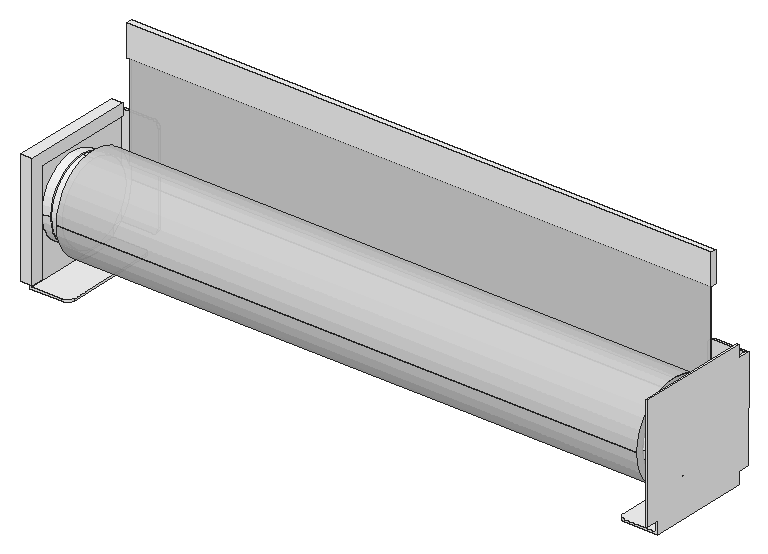
Revit family "Roller_Shades-Lutron-Contract_Roller-02", category Specialty Equipment, host Face, Revit 2017
Family settings
  Host = Face
  Round Connector Dimension = Use Diameter
  Part Type = Normal
  OmniClass Number = 23.30.60.14.21
  OmniClass Title = Shades
  Cut with Voids When Loaded = No
  Shared = No
  Room Calculation Point = No
Parameters (values of type "Ceiling Mount")
  Warranty URL = "http://www.lutron.com/en-US/Service-Support/Pages/Service/Warranty/Warranty.aspx"
  Wall Mount = no
  Video Link = "https://www.youtube.com/user/LutronElectronicsInc"
  Version = "2017 - v1.0a"  # constant formula
  URL = "http://www.lutron.com"
  Type Comments = ""
  Top to Center [instance] = if(or(Fascia Top Back Cover, Pocket Mount Enclosure), 0' 2 3/32", 0' 2")  # 0' - 2"
  Support Phone = "(224) 699-9545"  # constant formula
  Support Email = "mailto: support@anguleris.com"
  Side to Center [instance] = if(or(Fascia Top Back Cover, Pocket Mount Enclosure), 0' 2 3/32", 0' 2")  # 0' - 2"
  Shade Width [instance] = 1' - 6"
  Shade Size Available [instance] = if(and(Shade Height > 15' 0", Shade Width > 10' 0"), "Shade Size Unavailable, Max Height 15', Max Width 10'", if(Shade Height > 15' 0", "Shade Size Unavailable, Max Height 15'", if(Shade Width > 10' 0", "Shade Size Unavailable, Max Width 10'", "Yes")))  # "Yes"
  Shade Material = Fabric - Lutron - Linen - White
  Shade Height [instance] = 0' - 5 1/2"
  Series = "Contract Roller Shades"
  Right Clutch [instance] = yes
  Product Page URL = "http://www.lutron.com/en-US/Products/Pages/ShadingSystems/ContractRoller/Overview.aspx"
  Product Name = "Contract Roller - Manual Shade"
  Product Documentation Link = "http://www.lutron.com/TechnicalDocumentLibrary/085350.pdf"
  Pocket Mount Enclosure = no
  Pocket Inset = if(Pocket Mount Enclosure, 0' 5 1/8", 0' 0")  # 0' - 0"
  Performance URL = "http://www.lutron.com/en-US/Service-Support/Pages/Technical/PerfomanceSpecs.aspx"
  Overall Width [instance] = if(and(Fascia, Shade Width < 1' 6 1/2"), 1' 6 1/2" + 0' 1 3/4", if(and(not(Fascia), Shade Width < 1' 6 1/2"), 1' 6 1/2" + 0' 1 1/2", if(and(Fascia, Shade Width > 10' 0"), 10' 0" + 0' 1 3/4", if(and(not(Fascia), Shade Width > 10' 0"), 10' 0" + 0' 1 1/2", Shade Width + Edge Width))))  # 1' - 8"
  Overall Height [instance] = if([3D Shade Height Visibility], Shade Height, 0' 6 1/2")  # 0' - 6 1/2"
  Overall Depth [instance] = if(Fascia Top Back Cover, 0' 4 25/128", if(Fascia, 0' 4 13/128", if(Pocket Mount Enclosure, 0' 5", 0' 4")))  # 0' - 4"
  Mounting = if(Pocket Mount Enclosure, "Pocket Mount", if(Wall Mount, "Wall Mount", if(Ceiling Mount, "Ceiling Mount", "Select Mounting Type")))  # "Ceiling Mount"
  Model = "Manual Shade"
  Manufacturer Phone Number = "610-282-3800"  # constant formula
  Manufacturer Fax Number = "610-282-1243"  # constant formula
  Manufacturer Email = "mailto:support@lutron.com"
  Manufacturer Address = "7200 Suter Rd, Coopersburg, PA 18036"  # constant formula
  Manufacturer = "Lutron Electronics Co., Inc"  # constant formula
  Lineal Requirements [instance] = ""
  Light Gap = 0' - 0 3/4"  # constant formula
  Left Clutch [instance] = no
  Keynote = ""
  Instruction Sheet Link = "http://www.lutron.com/TechnicalDocumentLibrary/045672.pdf"
  Fixture Angle = if(Wall Mount, 90.00°, 0.00°)  # 0.00°
  Finish = Finish - Lutron - White
  Fascia Top Back Cover [instance] = no
  Fascia Note [instance] = "Fascia must be turned on to utilize Fascia Endcap and Fascia Top Back Cover Options"  # constant formula
  Fascia [instance] = no
  Fabric Roll Detail = ""
  Fabric Options [instance] = ""
  Fabric Collection [instance] = ""
  Fascia Endcap [instance] = no
  End Cap [instance] = if(Fascia Top Back Cover, 0' 4 25/128", if(Fascia, 0' 4 13/128", if(Pocket Mount Enclosure, 0' 5 1/8", 0' 4")))  # 0' - 4"
  Edge Width [instance] = if(Fascia, 0' 1 3/4", 0' 1 1/2")  # 0' - 1 1/2"
  Description = "Manual Roller Shade"
  Default Elevation = 0' - 0"
  Cost Info = "mailto:sales@lutron.com"
  Cost = 0
  Copyright = "© 2019 Lutron Electronics Co., Inc."  # constant formula
  Control Technology [instance] = ""
  Ceiling Mount = yes
  C Fascia Top [instance] = if(and(Fascia, Fascia Top Back Cover), 1 = 1, 1 = 0)  # no
  C Fascia Endcap [instance] = if(and(Fascia, Fascia Endcap), 1 = 1, 1 = 0)  # no
  C Fascia [instance] = if(Pocket Mount Enclosure, 1 = 0, Fascia)  # no
  Bottom Bar [instance] = ""
  Assembly Code = "E2010320"
  Actual Shade Width [instance] = if(Shade Width > 10' 0", 10' 0", Shade Width)  # 1' - 6"
  Actual Shade Height [instance] = if(Shade Width > 15' 0", 15' 0", Shade Width)  # 1' - 6"
  3D Shade Height Visibility [instance] = no
Types (3): name | Wall Mount | Top to Center | Side to Center | Pocket Mount Enclosure | Pocket Inset | Overall Depth | Mounting | Fixture Angle | End Cap | Ceiling Mount
  Ceiling Mount | no | 0' - 2" | 0' - 2" | no | 0' - 0" | 0' - 4" | "Ceiling Mount" | 0.00° | 0' - 4" | yes
  Wall Mount | yes | 0' - 2" | 0' - 2" | no | 0' - 0" | 0' - 4" | "Wall Mount" | 90.00° | 0' - 4" | no
  Pocket Mount | no | 0' - 2 3/32" | 0' - 2 3/32" | yes | 0' - 5 1/8" | 0' - 5" | "Pocket Mount" | 0.00° | 0' - 5 1/8" | yes
Reference planes (in)
  plane 1 "Center (Front/Back)": y = 0
  plane 2: z = 0
  plane 3 "Center (Left/Right)": x = 0
  plane 4: x = -10
  plane 5: x = 10
  plane 6: x = -9.25
  plane 7: x = 9.25
  plane 8: z = 2
  plane 9: z = 0
  plane 10: y = 2
  plane 11: y = -2
  plane 12: x = -9.625
  plane 13: x = 9.625
  plane 14: x = -10.125
  plane 15: x = 10.125
  plane 16: z = 0
  plane 17 "Pocket": z = 0
  plane 18: z = 6.5
Forms (in)
  Extrusion 1, void
    sketch origin (0, 1.5, 2) x (0, -1, 0) y (1, 0, 0)
      loop
        line (-0.5, -10) -> (3.5, -10) -> (3.5, 10) -> (-0.5, 10) -> (-0.5, -10)
    from -2 to 4.5
Lines and regions (in)
  reference lines
    curve 1: line (0, 0, 2) -> (0, 0, 12.25)
    curve 2: line (0, 0, 2) -> (0, -14, 2)
Dimensions and locks (in)
  "Light Gap": plane 4 to plane 6
  "Light Gap": plane 7 to plane 5
  equal spacing: plane 4, plane 3 "Center (Left/Right)", plane 5
  "Overall Width": plane 4 to plane 5
  locked: plane 12 to plane 4 at 0.375
  locked: plane 13 to plane 5 at 0.375
  locked: plane 4 to plane 14 at 0.125
  locked: plane 5 to plane 15 at 0.125
  "Overall Depth": plane 10 to plane 11
  "Side to Center": plane 10 to plane 1 "Center (Front/Back)"
  locked: level to plane 16 at 0
  "Overall Height": plane 18 to plane 17 "Pocket"
  "Top to Center": plane 8 to plane 17 "Pocket"
  "Pocket Inset": level to plane 17 "Pocket"
  locked: curve 2 to curve 1 (angle 90.00°)
  "Fixture Angle": angle plane 8 to curve 2
  aligned and locked: plane 2 to host face
  aligned and locked: level to host face
  aligned and locked: nested 1 to curve 2
  aligned and locked: nested 1 to curve 1
  aligned and locked: plane 8 to curve 1
  aligned and locked: plane 3 "Center (Left/Right)" to nested 1
  aligned and locked: Extrusion 1 sketch curve to plane 10
  aligned and locked: Extrusion 1 sketch curve to nested 1
  aligned and locked: Extrusion 1 sketch curve to plane 11
  aligned and locked: nested 1 to Extrusion 1 sketch curve
  aligned and locked: plane 18 to Extrusion 1
  aligned and locked: Extrusion 1 to plane 17 "Pocket"
Automatic sketch dimensions
  host sketch curve to host sketch curve = 8' - 0"
  host sketch curve to host sketch curve = 8' - 0.06319"
  curve 2 to plane 1 "Center (Front/Back)" = 0' - 0"
Nested families (in)
  nested 1: "Prototype Rotate" at (0, 0, 2), Shade Width <- "Shade Width", Shade Height <- "Shade Height", Left Clutch <- "Left Clutch", Fascia Endcap <- "C Fascia Endcap", Fascia Top Back Cover <- "C Fascia Top", 3D Shade Height Visibility <- "3D Shade Height Visibility", type "None"
    with Top to Center 0' - 2", Side to Center 0' - 2", Shade Width 1' - 6", Shade Size Available "Yes", Shade Height 0' - 5 1/2", Right Clutch yes, Overall Width 1' - 8", Overall Height 0' - 6 1/2", Overall Depth 0' - 4", Lineal Requirements "", Left Clutch no, Fascia Top Back Cover no, Fascia Endcap no, Fabric Options "", Fabric Collection "", End Cap Mask 0' - 0 1/8", End Cap 0' - 4", Control Technology "", Bottom Bar "", Actual Shade Width 1' - 6", Actual Shade Height 1' - 6", 3D Shade Height Visibility no
Definition of nested family "Prototype Rotate"
  Parameters (values of type "None")
    Warranty URL = ""
    Video Link = ""
    Version = "2017 - v1.0b"  # constant formula
    URL = "http://www.lutron.com"
    Type Comments = ""
    Top to Center [instance] = if(or(Fascia Top Back Cover, Pocket Mount Enclosure), 0' 2 3/32", 0' 2")  # 0' - 2"
    Support Phone = "(224) 699-9545"  # constant formula
    Support Email = "mailto: support@anguleris.com"
    Side to Center [instance] = if(or(Fascia Top Back Cover, Pocket Mount Enclosure), 0' 2 3/32", 0' 2")  # 0' - 2"
    Shade Width [instance] = 1' - 0"
    Shade Size Available [instance] = if(and(Shade Height > 15' 0", Shade Width > 10' 0"), "Shade Size Unavailable, Max Height 15', Max Width 10'", if(Shade Height > 15' 0", "Shade Size Unavailable, Max Height 15'", if(Shade Width > 10' 0", "Shade Size Unavailable, Max Width 10'", "Yes")))  # "Yes"
    Shade Material = none
    Shade Height [instance] = 2' - 0"
    Series = ""
    Right Clutch [instance] = not(Left Clutch)  # no
    Product Page URL = ""
    Product Name = ""
    Product Documentation Link = ""
    Pocket Mount Enclosure = no
    Performance URL = ""
    Overall Width [instance] = if(and(Fascia, Shade Width < 1' 6 1/2"), 1' 6 1/2" + 0' 1 3/4", if(and(not(Fascia), Shade Width < 1' 6 1/2"), 1' 6 1/2" + 0' 1 1/2", if(and(Fascia, Shade Width > 10' 0"), 10' 0" + 0' 1 3/4", if(and(not(Fascia), Shade Width > 10' 0"), 10' 0" + 0' 1 1/2", Shade Width + Edge Width))))  # 1' - 8"
    Overall Height [instance] = if([3D Shade Height Visibility], Shade Height + 0' 2", 0' 6 1/2")  # 0' - 6 1/2"
    Overall Depth [instance] = if(Fascia Top Back Cover, 0' 4 25/128", if(Fascia, 0' 4 13/128", if(Pocket Mount Enclosure, 0' 5", 0' 4")))  # 0' - 4"
    Not Pocket = not(Pocket Mount Enclosure)  # yes
    Mounting = "Ceiling"
    Model = ""
    Manufacturer Phone Number = "610-282-3800"  # constant formula
    Manufacturer Fax Number = "610-282-1243"  # constant formula
    Manufacturer Email = "mailto:support@lutron.com"
    Manufacturer Address = "7200 Suter Rd, Coopersburg, PA 18036"  # constant formula
    Manufacturer = "Lutron Electronics Co., Inc"  # constant formula
    Lineal Requirements [instance] = ""
    Light Gap = 0' - 0 3/4"  # constant formula
    Left Clutch [instance] = yes
    Keynote = ""
    Instruction Sheet Link = ""
    Finish = none
    Fascia Top Back Cover [instance] = no
    Fascia = no
    Fabric Roll Detail = ""
    Fabric Options [instance] = ""
    Fabric Collection [instance] = ""
    Fascia Endcap [instance] = no
    End Cap Mask [instance] = if(Fascia Endcap, 0' 0", 0' 0 1/8")  # 0' - 0 1/8"
    End Cap [instance] = if(Fascia Top Back Cover, 0' 4 25/128", if(Fascia, 0' 4 13/128", if(Pocket Mount Enclosure, 0' 5 1/8", 0' 4")))  # 0' - 4"
    Edge Width = if(Fascia, 0' 1 3/4", 0' 1 1/2")  # 0' - 1 1/2"
    Description = ""
    Default Elevation = 0' - 0"
    Cost Info = "mailto:sales@lutron.com"
    Cost = 0
    Copyright = "© 2019 Lutron Electronics Co., Inc."  # constant formula
    Control Technology [instance] = ""
    Bottom Bar [instance] = ""
    Assembly Code = "E2010320"
    Actual Shade Width [instance] = if(Shade Width > 10' 0", 10' 0", Shade Width)  # 1' - 0"
    Actual Shade Height [instance] = if(Shade Width > 15' 0", 15' 0", Shade Width)  # 1' - 0"
    3D Shade Height Visibility [instance] = no
  Reference planes (in)
    plane 1 "Center (Front/Back)": y = 0
    plane 2: z = 0
    plane 3 "Center (Left/Right)": x = 0
    plane 4: x = -10
    plane 5: x = 10
    plane 6: x = -9.25
    plane 7: x = 9.25
    plane 8: z = 0
    plane 9: z = 3.514
    plane 10: z = 4.5
    plane 11: y = 1.5
    plane 12: z = 0
    plane 13: y = 2
    plane 14: y = -2
    plane 15: x = -9.625
    plane 16: x = 9.625
    plane 17: x = -10.125
    plane 18: x = 10.125
    plane 19: z = 2
    plane 20: z = 0
    plane 21: z = -2
    plane 22: y = 1.4375
  Forms (in)
    Extrusion 1, solid
      sketch origin (0, 0, 0) x (1, 0, 0) y (0, 1, 0)
        loop
          line (-48, 48) -> (-48, -48.06319) -> (48, -48.06319) -> (48, 48) -> (-48, 48)
      from 0 to -5.50196
    Extrusion 2, solid, material <- "Shade Material"
      sketch origin (0, 0, 3.25) x (0, 1, 0) y (0, 0, 1)
        loop
          circle (0, -3.25) r 1.5
      from -9.25 to 9.25
    Extrusion 3, solid, material <- "Finish"
      sketch origin (0, -1.764, 5.014) x (0, 0, -1) y (0, -1, 0)
        loop
          circle (5.014, -1.764) r 1.25
      from 9.25 to 9.625
    Extrusion 4, solid, material <- "Finish"
      sketch origin (0, 0, 3.25) x (0, 1, 0) y (0, 0, 1)
        loop
          circle (0, -3.25) r 1.25
      from 9.25 to 9.625
    Extrusion 5, solid, material <- "Shade Material"
      sketch origin (0, 1.4375, 5.014) x (1, 0, 0) y (0, 0, -1)
        loop
          line (-9.25, 5.014) -> (-9.25, 1.5) -> (9.25, 1.5) -> (9.25, 5.014) -> (-9.25, 5.014)
      from 0 to 0.0625
    Extrusion 6, solid, material <- "Finish", detail levels medium+fine
      sketch origin (0, -1.764, 5.014) x (0, 0, -1) y (0, 1, 0)
        loop
          line (1.5, 3.3265) -> (0.514, 3.3265) -> (0.514, 3.139) -> (1.5, 3.139) -> (1.5, 3.3265)
      from -9.3125 to 9.3125
    Extrusion 7, solid, material <- "Finish", visible <- "Fascia Endcap", detail levels medium+fine
      sketch origin (0, 0, 6.8125) x (1, 0, 0) y (0, 1, 0)
        loop
          line (10, -2) -> (10.125, -2) -> (10.125, 2) -> (10, 2) -> (10, -2)
        loop
          line (-10, -2) -> (-10, 2) -> (-10.125, 2) -> (-10.125, -2) -> (-10, -2)
      from -8.90484 to -4.8125
    Sweep 8, solid, material <- "Finish", visible <- "Fascia", detail levels medium+fine
      path origin (0, 0, 3.25) x (1, 0, 0) y (0, 0, 1)
        loop
          line (-10, -3.25) -> (10, -3.25)
      profile "Single Fascia Profile : Single Fascia Profile" origin (0, 0, 0) x (0, 0, 1) y (0, -1, 0)
        loop
          line (-2, 2.00531) -> (2.008, 2.00531) -> (2.008, -0.27043) -> (2.1, -0.27043) -> (2.1, 2.09906) -> (-2, 2.09906) -> (-2, 2.00531)
    Sweep 9, solid, material <- "Finish", visible <- "Pocket Mount Enclosure", detail levels medium+fine
      path origin (0, 0, 3.25) x (1, 0, 0) y (0, 0, 1)
        loop
          line (-10, -3.25) -> (10, -3.25)
      profile "Single Pocket Profile : Single Pocket Profile" origin (0, 0, 0) x (0, 0, 1) y (0, -1, 0)
        loop
          line (2.97016, 2.36341) -> (2.97016, 0.8125) -> (3.03266, 0.8125) -> (3.03266, 2.78125) -> (2.97016, 2.78125) -> (2.97016, 2.42591) -> (2.16016, 2.42591) -> (2.16016, 2.55091) -> (2.33049, 2.55091) -> (2.33049, 2.61341) -> (2.09766, 2.61341) -> (2.09766, 2.36341) -> (2.97016, 2.36341)
        loop
          line (3.03266, -2.09375) -> (3.03266, -2) -> (-1.99859, -2) -> (-1.99859, 2.8125) -> (2.36174, 2.8125) -> (2.36174, 2.51966) -> (2.19141, 2.51966) -> (2.19141, 2.45716) -> (2.42424, 2.45716) -> (2.42424, 2.8125) -> (3.03266, 2.8125) -> (3.03266, 2.90625) -> (-2.09234, 2.90625) -> (-2.09234, -2.09375) -> (3.03266, -2.09375)
    Sweep 10, solid, material <- "Finish", visible <- "Fascia Top Back Cover", detail levels medium+fine
      path origin (0, 1.5, 0) x (0, -1, 0) y (1, 0, 0)
        loop
          line (1.5, -10) -> (1.5, 10)
      profile "Single Top Back Fascia Profile : Single Top Back Fascia Profile" origin (0, 0, 0) x (0, 1, 0) y (0, 0, 1)
        loop
          line (-2.00531, -2) -> (-2.00531, -2.09375) -> (2.09375, -2.09375) -> (2.09375, 2.1) -> (2, 2.1) -> (2, -2) -> (-2.00531, -2)
  Cuts and joins
    joined: Extrusion 2, Extrusion 5
  Dimensions and locks (in)
    "Light Gap": plane 4 to plane 6
    "Light Gap": plane 7 to plane 5
    locked: plane 1 "Center (Front/Back)" to Extrusion 2 sketch curve at 0
    locked: plane 8 to Extrusion 2 sketch curve at 0
    locked: plane 11 to Extrusion 6 sketch curve at 0.0625
    locked: Extrusion 6 sketch curve to plane 11 at 0.125
    equal spacing: plane 4, plane 3 "Center (Left/Right)", plane 5
    "Overall Width": plane 4 to plane 5
    locked: plane 15 to plane 4 at 0.375
    locked: plane 16 to plane 5 at 0.375
    locked: plane 4 to plane 17 at 0.125
    locked: plane 5 to plane 18 at 0.125
    "Overall Depth": plane 13 to plane 14
    "Side to Center": plane 13 to plane 1 "Center (Front/Back)"
    locked: level to plane 20 at 0
    locked: plane 10 to plane 9 at 0.986
    "Top to Center": plane 20 to plane 21
    "End Cap": plane 19 to plane 21
    "Overall Height": plane 10 to plane 21
    locked: plane 11 to plane 22 at 0.0625
    locked: plane 7 to Extrusion 6 at 0.0625
    locked: plane 6 to Extrusion 6 at 0.0625
    radius of Extrusion 2 sketch curve = 0' - 1 1/2"
    aligned and locked: plane 2 to Extrusion 1
    aligned and locked: level to Extrusion 1
    aligned and locked: Extrusion 2 to plane 6
    aligned and locked: Extrusion 2 to plane 7
    aligned and locked: plane 6 to Extrusion 3
    aligned and locked: plane 11 to Extrusion 5
    aligned and locked: Extrusion 5 sketch curve to plane 6
    aligned and locked: Extrusion 5 sketch curve to plane 8
    aligned and locked: plane 9 to Extrusion 5 sketch curve
    aligned and locked: Extrusion 5 sketch curve to plane 7
    aligned and locked: plane 10 to Extrusion 6
    aligned and locked: Extrusion 6 to plane 9
    aligned and locked: plane 7 to Extrusion 4
    aligned and locked: plane 4 to Extrusion 7 sketch curve
    aligned and locked: plane 13 to Extrusion 7 sketch curve
    aligned and locked: plane 14 to Extrusion 7 sketch curve
    aligned and locked: Extrusion 7 sketch curve to plane 5
    aligned and locked: Extrusion 7 sketch curve to plane 14
    aligned and locked: Extrusion 7 sketch curve to plane 13
    aligned and locked: Extrusion 3 to plane 15
    aligned and locked: Extrusion 4 to plane 16
    aligned and locked: plane 8 to Extrusion 4 sketch curve
    aligned and locked: plane 1 "Center (Front/Back)" to Extrusion 4 sketch curve
    aligned and locked: plane 8 to Extrusion 3 sketch curve
    aligned and locked: plane 1 "Center (Front/Back)" to Extrusion 3 sketch curve
    aligned and locked: nested 2 to plane 1 "Center (Front/Back)"
    aligned and locked: plane 1 "Center (Front/Back)" to nested 1
    aligned and locked: plane 8 to nested 2
    aligned and locked: nested 1 to plane 8
    aligned and locked: Sweep 8 sketch curve to plane 8
    aligned and locked: plane 5 to Sweep 8 sketch curve
    aligned and locked: plane 4 to Sweep 8 sketch curve
    aligned and locked: plane 19 to Extrusion 7
    aligned and locked: plane 18 to Extrusion 7 sketch curve
    aligned and locked: Extrusion 7 sketch curve to plane 17
    aligned and locked: plane 5 to Sweep 9 sketch curve
    aligned and locked: Sweep 9 sketch curve to plane 8
    aligned and locked: plane 4 to Sweep 9 sketch curve
    aligned and locked: nested 3 to plane 1 "Center (Front/Back)"
    aligned and locked: plane 1 "Center (Front/Back)" to nested 4
    aligned and locked: plane 8 to nested 3
    aligned and locked: nested 4 to plane 8
    aligned and locked: plane 1 "Center (Front/Back)" to Sweep 10 sketch curve
    aligned and locked: plane 5 to Sweep 10 sketch curve
    aligned and locked: plane 4 to Sweep 10 sketch curve
    aligned and locked: cut or joined group of Extrusion 2, Extrusion 5 to plane 22
    aligned and locked: plane 11 to cut or joined group of Extrusion 2, Extrusion 5
    aligned and locked: Extrusion 6 sketch curve to plane 10
    aligned and locked: plane 9 to Extrusion 6 sketch curve
    aligned and locked: Extrusion 7 to Sweep 9
  Automatic sketch dimensions
    Extrusion 1 sketch curve to Extrusion 1 sketch curve = 8' - 0"
    Extrusion 1 sketch curve to Extrusion 1 sketch curve = 8' - 0.06319"
    radius of Extrusion 4 sketch curve = 0' - 1 1/4"
    radius of Extrusion 3 sketch curve = 0' - 1 1/4"
  Nested families (in)
    nested 1: "Idler Bracket" at (9.625, 0, 0) x (0, 0, -1) z (1, 0, 0), visible <- "Right Clutch", type "Idler Bracket", detail levels medium+fine
    nested 2: "Clutch Bracket" at (-9.625, 0, 0) x (0, 1, 0) z (-1, 0, 0), visible <- "Right Clutch", type "Clutch Bracket", detail levels medium+fine
    nested 3: "Idler Bracket" at (-9.625, 0, 0) x (0, 0, -1) z (-1, 0, 0), visible <- "Left Clutch", type "Idler Bracket", detail levels medium+fine
    nested 4: "Clutch Bracket" at (9.625, 0, 0) x (0, 1, 0) z (1, 0, 0), visible <- "Left Clutch", type "Clutch Bracket", detail levels medium+fine
  Definition of nested family "Idler Bracket"
    Parameters (values of type "Idler Bracket")
      Finish = none
      Default Elevation = 4' - 0"
    Reference planes (in)
      plane 1 "Center (Front/Back)": y = 0
      plane 2: z = 0
      plane 3 "Center (Left/Right)": x = 0
      plane 4: x = -2
      plane 5: x = 2
      plane 6: y = 2
      plane 7: y = -2
      plane 8: x = 1.9375
      plane 9: y = 1.9375
      plane 10: z = 0.375
      plane 11: z = -0.875
    Forms (in)
      Extrusion 1, solid
        sketch origin (0, 0, 0) x (1, 0, 0) y (0, 1, 0)
          loop
            line (-48, 48) -> (-48, -48) -> (48, -48) -> (48, 48) -> (-48, 48)
        from 0 to -12
      Extrusion 2, solid, material <- "Finish", detail levels medium+fine
        sketch origin (0, 0, 0) x (0, 1, 0) y (0, 0, 1)
          loop
            line (2, 0.3125) -> (2, 0.375) -> (-2, 0.375) -> (-2, 0.3125) -> (2, 0.3125)
        from -2 to 2
      Extrusion 3, void
        sketch origin (0, 0, 0) x (1, 0, 0) y (0, 1, 0)
          loop
            line (-2.37839, 2.31927) -> (-2.37839, 1.62233) -> (-1.625, 1.62233) -> (-1.625, 2.31927) -> (-2.37839, 2.31927)
          loop
            line (2.89868, 2.31927) -> (1.625, 2.31927) -> (1.625, 1.62233) -> (2.89868, 1.62233) -> (2.89868, 2.31927)
          loop
            line (2.37839, -2.37839) -> (2.37839, -1.62233) -> (1.625, -1.62233) -> (1.625, -2.37839) -> (2.37839, -2.37839)
        from -0.875 to 0.375
      Revolve 4, solid, material <- "Finish", detail levels medium+fine
        sketch origin (0, 0, 0) x (0, 1, 0) y (0, 0, 1)
          loop
            line (0.98907, 0.3125) -> (0, 0.3125) -> (0, 0) -> (0.30123, 0) -> (0.40347, 0.05902) -> (0.73907, 0.05902) -> (0.73907, 0.24128) -> (0.98907, 0.24128) -> (0.98907, 0.3125)
          axis (0, 0) -> (0, 0.3125)
        angle from 0 to 360
      Extrusion 5, solid, material <- "Finish", detail levels medium+fine
        sketch origin (0, 0, 0) x (1, 0, 0) y (0, 0, 1)
          loop
            line (-1.625, 0.3125) -> (-1.625, -0.66085)
            arc (-1.625, -0.66085) -> (-1.56228, -0.81228) -> (-1.41085, -0.875) r 0.21415
            line (-1.41085, -0.875) -> (1.41085, -0.875)
            arc (1.41085, -0.875) -> (1.56228, -0.81228) -> (1.625, -0.66085) r 0.21415
            line (1.625, -0.66085) -> (1.625, 0.3125) -> (-1.625, 0.3125)
        from -2 to -1.9375
      Extrusion 6, solid, material <- "Finish", detail levels medium+fine
        sketch origin (0, 0, 0) x (0, 1, 0) y (0, 0, 1)
          loop
            line (1.62233, 0.3125) -> (-1.62233, 0.3125) -> (-1.62233, -0.66085)
            arc (-1.62233, -0.66085) -> (-1.55961, -0.81228) -> (-1.40818, -0.875) r 0.21415
            line (-1.40818, -0.875) -> (1.40818, -0.875)
            arc (1.40818, -0.875) -> (1.55961, -0.81228) -> (1.62233, -0.66085) r 0.21415
            line (1.62233, -0.66085) -> (1.62233, 0.3125)
        from 1.9375 to 2
    Cuts and joins
      Extrusion 3 cuts Extrusion 2
      joined: Extrusion 2, Revolve 4, Extrusion 5, Extrusion 6
    Dimensions and locks (in)
      equal spacing: plane 7, plane 1 "Center (Front/Back)", plane 6
      locked: plane 6 to plane 7 at 4
      equal spacing: plane 4, plane 3 "Center (Left/Right)", plane 5
      locked: plane 4 to plane 5 at 4
      locked: plane 8 to plane 5 at 0.0625
      locked: plane 6 to plane 9 at 0.0625
      locked: plane 10 to Extrusion 1 at 0.375
      locked: plane 10 to plane 11 at 1.25
      aligned and locked: plane 2 to Extrusion 1
      aligned and locked: level to Extrusion 1
      aligned and locked: Extrusion 2 to plane 4
      aligned and locked: Extrusion 2 to plane 5
      aligned and locked: plane 10 to cut or joined group of Extrusion 2, Extrusion 3, Revolve 4, Extrusion 5, Extrusion 6
      aligned and locked: Extrusion 3 to plane 11
      aligned and locked: Extrusion 3 to Extrusion 2
    Automatic sketch dimensions
      Extrusion 1 sketch curve to Extrusion 1 sketch curve = 8' - 0"  (x2)
      Extrusion 2 sketch curve to plane 7 = 0' - 0"
      Extrusion 2 sketch curve to plane 6 = 0' - 0"
      Extrusion 2 sketch curve to plane 10 = 0' - 0"
      Extrusion 2 sketch curve to Extrusion 2 sketch curve = 0' - 0 1/16"
      Extrusion 3 sketch curve to plane 4 = 0' - 0.37839"
      plane 4 to Extrusion 3 sketch curve = 0' - 0 3/8"
      plane 8 to Extrusion 3 sketch curve = 0' - 0 5/16"  (x2)
      Extrusion 3 sketch curve to plane 5 = 0' - 0.37839"
      plane 6 to Extrusion 3 sketch curve = 0' - 0.31927"  (x2)
      Extrusion 3 sketch curve to plane 5 = 0' - 0.89868"
      Extrusion 3 sketch curve to plane 9 = 0' - 0.31517"  (x2)
      Extrusion 3 sketch curve to plane 7 = 0' - 0.37767"
      plane 7 to Extrusion 3 sketch curve = 0' - 0.37839"
      Revolve 4 sketch curve to plane 1 "Center (Front/Back)" = 0' - 0"  (x2)
      Revolve 4 sketch curve to level = 0' - 0"  (x2)
      Revolve 4 sketch curve to plane 10 = 0' - 0"
      Revolve 4 sketch curve to Revolve 4 sketch curve = 0' - 0.30123"
      level to Revolve 4 sketch curve = 0' - 0.05902"
      Revolve 4 sketch curve to Revolve 4 sketch curve = 0' - 0.10223"
      Revolve 4 sketch curve to Revolve 4 sketch curve = 0' - 0.33561"
      Revolve 4 sketch curve to Revolve 4 sketch curve = 0' - 0 1/4"
      Revolve 4 sketch curve to plane 10 = 0' - 0.13372"
      Revolve 4 sketch curve to plane 10 = 0' - 0 1/16"
      Extrusion 5 sketch curve to plane 11 = 0' - 0"
      plane 10 to Extrusion 5 sketch curve = 0' - 0 1/16"
      Extrusion 5 sketch curve to plane 4 = 0' - 0 3/8"
      Extrusion 5 sketch curve to Extrusion 5 sketch curve = 0' - 0.21415"  (x2)
      Extrusion 5 sketch curve to plane 8 = 0' - 0.52665"
      Extrusion 6 sketch curve to plane 11 = 0' - 0"
      plane 10 to Extrusion 6 sketch curve = 0' - 0 1/16"
      plane 7 to Extrusion 6 sketch curve = 0' - 0.37767"
      Extrusion 6 sketch curve to Extrusion 6 sketch curve = 0' - 0.21415"  (x2)
      plane 9 to Extrusion 6 sketch curve = 0' - 0.52932"
  Definition of nested family "Clutch Bracket"
    Parameters (values of type "Clutch Bracket")
      Finish = none
      Default Elevation = 4' - 0"
    Reference planes (in)
      plane 1 "Center (Front/Back)": y = 0
      plane 2: z = 0
      plane 3 "Center (Left/Right)": x = 0
      plane 4: x = -2
      plane 5: x = 2
      plane 6: y = 2
      plane 7: y = -2
      plane 8: x = 1.9375
      plane 9: y = 1.9375
      plane 10: z = 0.375
      plane 11: z = -0.875
    Forms (in)
      Extrusion 1, solid
        sketch origin (0, 0, 0) x (1, 0, 0) y (0, 1, 0)
          loop
            line (-48, 48) -> (-48, -48) -> (48, -48) -> (48, 48) -> (-48, 48)
        from 0 to -12
      Extrusion 2, solid, material <- "Finish", detail levels medium+fine
        sketch origin (0, 0, 0) x (0, 1, 0) y (0, 0, 1)
          loop
            line (2, 0.375) -> (-2, 0.375) -> (-2, 0.3125) -> (2, 0.3125) -> (2, 0.375)
        from -2 to 2
      Extrusion 3, solid, material <- "Finish", detail levels medium+fine
        sketch origin (0, 0, 0) x (0, 1, 0) y (0, 0, 1)
          loop
            line (1.62233, 0.3125) -> (-1.62233, 0.3125) -> (-1.62233, -0.66085)
            arc (-1.62233, -0.66085) -> (-1.55961, -0.81228) -> (-1.40818, -0.875) r 0.21415
            line (-1.40818, -0.875) -> (1.40818, -0.875)
            arc (1.40818, -0.875) -> (1.55961, -0.81228) -> (1.62233, -0.66085) r 0.21415
            line (1.62233, -0.66085) -> (1.62233, 0.3125)
        from 1.9375 to 2
      Extrusion 4, void
        sketch origin (0, 0, 0) x (1, 0, 0) y (0, 1, 0)
          loop
            line (-2.37839, 2.31927) -> (-2.37839, 1.62233) -> (-1.625, 1.62233) -> (-1.625, 2.31927) -> (-2.37839, 2.31927)
          loop
            line (2.89868, 2.31927) -> (1.625, 2.31927) -> (1.625, 1.62233) -> (2.89868, 1.62233) -> (2.89868, 2.31927)
          loop
            line (2.37839, -2.37839) -> (2.37839, -1.62233) -> (1.625, -1.62233) -> (1.625, -2.37839) -> (2.37839, -2.37839)
        from 1.4391 to -0.3125
      Extrusion 5, solid, material <- "Finish", detail levels medium+fine
        sketch origin (0, 0, 0) x (1, 0, 0) y (0, 0, 1)
          loop
            line (-1.625, 0.3125) -> (-1.625, -0.66085)
            arc (-1.625, -0.66085) -> (-1.56228, -0.81228) -> (-1.41085, -0.875) r 0.21415
            line (-1.41085, -0.875) -> (1.41085, -0.875)
            arc (1.41085, -0.875) -> (1.56228, -0.81228) -> (1.625, -0.66085) r 0.21415
            line (1.625, -0.66085) -> (1.625, 0.3125) -> (-1.625, 0.3125)
        from -2 to -1.9375
      Extrusion 6, solid, material <- "Finish", detail levels medium+fine
        sketch origin (0, 0, 0) x (1, 0, 0) y (0, 1, 0)
          loop
            line (-1.625, 1.62233) -> (-2, 1.62233) -> (-2, -2) -> (1.625, -2) -> (1.625, -1.62233) -> (-1.625, -1.62233) -> (-1.625, 1.62233)
        from 0 to 0.3125
      Extrusion 7, solid, material <- "Finish", detail levels medium+fine
        sketch origin (0, 0, 0) x (1, 0, 0) y (0, 1, 0)
          loop
            circle (0, 0) r 1.25
        from 0 to 0.3125
    Cuts and joins
      Extrusion 4 cuts Extrusion 2
      joined: Extrusion 2, Extrusion 3, Extrusion 5, Extrusion 6, Extrusion 7
    Dimensions and locks (in)
      equal spacing: plane 7, plane 1 "Center (Front/Back)", plane 6
      locked: plane 6 to plane 7 at 4
      equal spacing: plane 4, plane 3 "Center (Left/Right)", plane 5
      locked: plane 4 to plane 5 at 4
      locked: plane 8 to plane 5 at 0.0625
      locked: plane 6 to plane 9 at 0.0625
      locked: plane 10 to Extrusion 1 at 0.375
      locked: plane 10 to plane 11 at 1.25
      aligned and locked: plane 2 to Extrusion 1
      aligned and locked: level to Extrusion 1
      aligned and locked: Extrusion 2 to plane 4
      aligned and locked: Extrusion 2 to plane 5
      aligned and locked: plane 8 to Extrusion 3
      aligned and locked: Extrusion 3 to plane 5
      aligned and locked: plane 6 to Extrusion 5
      aligned and locked: Extrusion 5 to plane 9
      aligned and locked: plane 10 to Extrusion 2
      aligned and locked: cut or joined group of Extrusion 2, Extrusion 3, Extrusion 4, Extrusion 5, Extrusion 6, Extrusion 7 to cut or joined group of Extrusion 2, Extrusion 3, Extrusion 4, Extrusion 5, Extrusion 6, Extrusion 7
      aligned and locked: plane 1 "Center (Front/Back)" to Extrusion 7 sketch curve
      aligned and locked: plane 3 "Center (Left/Right)" to Extrusion 7 sketch curve
    Automatic sketch dimensions
      Extrusion 1 sketch curve to Extrusion 1 sketch curve = 8' - 0"  (x2)
      Extrusion 2 sketch curve to plane 7 = 0' - 0"
      Extrusion 2 sketch curve to plane 6 = 0' - 0"
      Extrusion 2 sketch curve to plane 10 = 0' - 0"
      Extrusion 2 sketch curve to Extrusion 2 sketch curve = 0' - 0 1/16"
      Extrusion 3 sketch curve to plane 11 = 0' - 0"
      Extrusion 3 sketch curve to plane 10 = 0' - 0 1/16"
      Extrusion 3 sketch curve to plane 7 = 0' - 0.37767"
      Extrusion 3 sketch curve to Extrusion 3 sketch curve = 0' - 0.21415"  (x2)
      Extrusion 3 sketch curve to plane 9 = 0' - 0.52932"
      Extrusion 4 sketch curve to plane 4 = 0' - 0.37839"
      plane 4 to Extrusion 4 sketch curve = 0' - 0 3/8"
      plane 8 to Extrusion 4 sketch curve = 0' - 0 5/16"  (x2)
      Extrusion 4 sketch curve to plane 5 = 0' - 0.37839"
      plane 6 to Extrusion 4 sketch curve = 0' - 0.31927"  (x2)
      Extrusion 4 sketch curve to plane 5 = 0' - 0.89868"
      Extrusion 4 sketch curve to plane 9 = 0' - 0.31517"  (x2)
      Extrusion 4 sketch curve to plane 7 = 0' - 0.37767"
      plane 7 to Extrusion 4 sketch curve = 0' - 0.37839"
      Extrusion 5 sketch curve to plane 11 = 0' - 0"
      Extrusion 5 sketch curve to plane 10 = 0' - 0 1/16"
      plane 4 to Extrusion 5 sketch curve = 0' - 0 3/8"
      Extrusion 5 sketch curve to Extrusion 5 sketch curve = 0' - 0.21415"  (x2)
      plane 8 to Extrusion 5 sketch curve = 0' - 0.52665"
      Extrusion 6 sketch curve to plane 4 = 0' - 0"
      plane 7 to Extrusion 6 sketch curve = 0' - 0"
      plane 4 to Extrusion 6 sketch curve = 0' - 0 3/8"
      plane 8 to Extrusion 6 sketch curve = 0' - 0 5/16"
      Extrusion 6 sketch curve to plane 7 = 0' - 0.37767"
      Extrusion 6 sketch curve to plane 9 = 0' - 0.31517"
      radius of Extrusion 7 sketch curve = 0' - 1 1/4"
